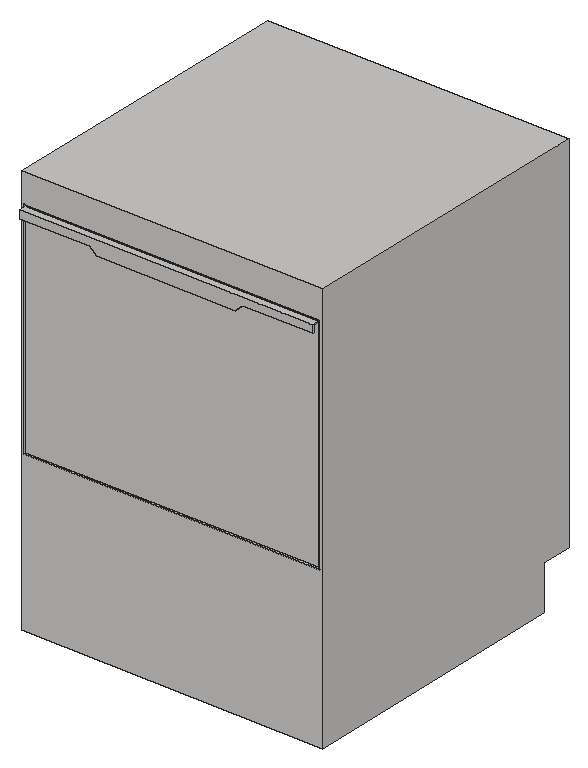
Revit family "QF_ELECTROLUXPROFESSIONAL_400089_ELA3GWP", category Specialty Equipment, Revit 2018
Family settings
  Round Connector Dimension = Use Diameter
  Part Type = Normal
  Work Plane-Based = No
  Always vertical = Yes
  Cut with Voids When Loaded = No
  Shared = No
  Room Calculation Point = No
Parameters
  Weight = 47.00 kg
  Watts = 0 W
  Volts = 0 V
  URL Manufacturer = ""
  URL = "http://professional.electrolux.com/"
  Steam Supply Size = 0 mm
  Steam Supply Minimum Pressure = 0.0 Pa
  Steam Supply Maximum Pressure = 0.0 Pa
  Steam Pounds per Hour = 0
  Show Logo [instance] = yes
  Show Clearance [instance] = yes
  Refrigeration Suction Line Size = 0 mm
  Refrigeration Liquid Line Size = 0 mm
  Refrigerant Compressor Remote = yes
  Manufacturer = ""
  Phase = 0
  Model = ""
  Length Actual = 600 mm  # constant formula
  Item Number = ""
  Hot Water Size = 0 mm
  Height Actual = 820 mm  # constant formula
  HP = "7.2 HP"
  Gas Size = 0 mm
  Gas KW = 0
  Gas Input Pressure = 0 W
  Direct Waste Size = 40 mm
  Description = ""
  Depth Actual = 648 mm  # constant formula
  Cycle = 0 Hz
  Condensate Return Size = 0 mm
  Compressed Air Volume = 0.0 L/s
  Compressed Air Size = 0 mm
  Compressed Air Pressure = 0.0 Pa
  Cold Water Size = 0 mm
  Accessory = yes
Types (2, lengths in mm): name | Volts | URL Manufacturer | URL | Manufacturer | Phase | Model | Item Number | Hot Water Size | Description | Cycle
  (no name) | 0 V | "" | "http://professional.electrolux.com/" | "" | 0 | "" | "" | 0 | "" | 0 Hz
  Standard | 400 V | "http://professional.electrolux.com" | "http://professional.electrolux.com" | "Electrolux Professional" | 3 | "ELA3GWP" | "400089" | 19.05 | "UNDERCOUNTER(L), WASHPRO, 3PH, DP, DD, 48R/H" | 50 Hz
Reference planes
  plane 1 "Center (Front/Back)": y = 0
  plane 2: z = 0
  plane 3 "Center (Left/Right)": x = 0
  plane 4 "LEFT": x = -300
  plane 5 "RIGHT": x = 300
  plane 6 "FRONT": y = -306
  plane 7 "BACK": y = 306
  plane 8: x = -202.5
  plane 9: x = 202.5
  plane 10: z = 830
  plane 11: z = 10
Forms (mm)
  Extrusion 1, solid, material "QF_Finishes_Stainless Steel"
    sketch origin (0, 0, 0) x (1, 0, 0) y (0, 1, 0)
      loop
        line (-300, -306) -> (300, -306) -> (300, 245) -> (-300, 245) -> (-300, -306)
    from 10 to 830
  Extrusion 2, solid, material "QF_Finishes_Stainless Steel"
    sketch origin (0, 0, 0) x (1, 0, 0) y (0, 1, 0)
      loop
        line (-300, 245) -> (300, 245) -> (300, 306) -> (-300, 306) -> (-300, 245)
    from 100 to 830
  Extrusion 3, solid, material "QF_Finishes_Stainless Steel"
    sketch origin (0, 17.5, 0) x (1, 0, 0) y (0, 1, 0)
      loop
        circle (-254, 167.5) r 12.5
      loop
        circle (254, 167.5) r 12.5
      loop
        circle (-254, -263.5) r 12.5
      loop
        circle (254, -263.5) r 12.5
    from 0 to 10
  Extrusion 4, void
    sketch origin (-300, -306, 0) x (-1, 0, 0) y (0, 0, 1)
      loop
        line (-5, 773.217) -> (-595, 773.217) -> (-595, 327.335) -> (-5, 327.335) -> (-5, 773.217)
    from 0 to 30
  Extrusion 5, solid, material "QF_Finishes_Stainless Steel"
    sketch origin (-259, -389, 768) x (0, 0, -1) y (1, 0, 0)
      loop
        circle (693, 143) r 10
    from -634 to -695
  Extrusion 6, solid, material "QF_Door-Drawer Clearances", visible <- "Show Clearance", detail levels coarse
    sketch origin (-230, -282.5, 0) x (0, 1, 0) y (0, 0, -1)
      loop
        line (-23.5, -330.419) -> (-391.5, -330.419)
        arc (-391.5, -330.419) -> (-290.693, -619.855) -> (-23.5, -770) r 432.894
        line (-23.5, -770) -> (-23.5, -330.419)
    from 61.197 to -521.306
  Extrusion 7, solid, material "QF_Finishes_Stainless Steel"
    sketch origin (-315.481, -389, 738) x (0, 0, -1) y (1, 0, 0)
      loop
        circle (663, 252.481) r 8
    from -634 to -695
  Extrusion 8, solid, material "QF_Finishes_Stainless Steel"
    sketch origin (-230, -282.5, 0) x (0, 1, 0) y (0, 0, -1)
      loop
        line (-23.5, -330.419) -> (-23.5, -770) -> (1.5, -770) -> (1.5, -330.419) -> (-23.5, -330.419)
    from 61.197 to -521.306
  Extrusion 9, solid, material "QF_Finishes_Stainless Steel"
    sketch origin (-230, -297.5, 0) x (0, 1, 0) y (0, 0, -1)
      loop
        line (-8.5, -770) -> (-8.5, -767.514) -> (-21, -767.514) -> (-21, -741.25) -> (-23.5, -741.25) -> (-23.5, -770) -> (-8.5, -770)
    from 61.197 to -521.306
  Extrusion 10, void
    sketch origin (-230, -321, 770) x (0, 0, 1) y (1, 0, 0)
      loop
        line (-15.552, -61.197) -> (-15.552, 77.909) -> (-28.75, 91.107) -> (-28.75, -61.197) -> (-15.552, -61.197)
      loop
        line (-15.552, 521.197) -> (-28.75, 521.197) -> (-28.75, 368.893) -> (-15.552, 382.091) -> (-15.552, 521.197)
    from 0 to 2.5
  Extrusion 11, solid, material "QF_Finishes_Stainless Steel"
    sketch origin (-295.988, 885.897, 763.79) x (0, -1, 0) y (1, 0, 0)
      loop
        circle (611.5, 158) r 8
    from -663.79 to -673.79
Cuts and joins
  Extrusion 4 cuts Extrusion 1
  joined: Extrusion 1, Extrusion 2
  Extrusion 10 cuts Extrusion 8
  Extrusion 10 cuts Extrusion 9
Lines and regions (mm)
  Split face 1
    outline origin (-300, -306, 830) x (0, 0, -1) y (1, 0, 0)
      loop
        line (21.579, 283.75) -> (39.683, 283.75) -> (39.683, 316.25) -> (21.579, 316.25) -> (21.579, 283.75)
  Split face 2
    outline origin (-300, -306, 830) x (0, 0, -1) y (1, 0, 0)
      loop
        line (56.783, 595) -> (56.783, 600)
      loop
        arc (56.783, 412.5) -> (28.391, 440.891) -> (0, 412.5) r 28.391
  symbolic lines
    curve 1: line (-300, 306, 0) -> (300, 306, 0)
    curve 2: line (-300, -306, 0) -> (-300, 306, 0)
    curve 3: line (300, -306, 0) -> (-300, -306, 0)
    curve 4: line (300, 306, 0) -> (300, -306, 0)
    curve 9: line (-291.197, -306, 0) -> (-291.197, -321, 0)
    curve 10: line (291.306, -321, 0) -> (291.306, -306, 0)
    curve 11: line (-291.197, -321, 0) -> (291.306, -321, 0)
  symbolic lines, style "QF_Door-Drawer Clearances"
    curve 5: line (-291.197, -674, 0) -> (291.306, -674, 0)
    curve 6: line (291.306, -674, 0) -> (291.306, -306, 0)
    curve 7: line (-291.197, -674, 0) -> (-291.197, -306, 0)
  symbolic lines, style "SpecialityEquipmentHiddenLines"
    curve 8: line (-300, 245, 0) -> (300, 245, 0)
Dimensions and locks
  equal spacing: plane 4 "LEFT", plane 3 "Center (Left/Right)", plane 5 "RIGHT"
  equal spacing: plane 7 "BACK", plane 1 "Center (Front/Back)", plane 6 "FRONT"
  plane 7 "BACK" to plane 6 "FRONT" = 612 mm
  plane 4 "LEFT" to plane 5 "RIGHT" = 600 mm
  plane 4 "LEFT" to plane 8 = 97.5 mm
  plane 9 to plane 5 "RIGHT" = 97.5 mm
  plane 11 to level = 10 mm
  plane 4 "LEFT" to plane 3 "Center (Left/Right)" = 300 mm
  plane 10 to level = 830 mm  (x2)
  plane 8 to plane 9 = 405 mm
  Extrusion 11 sketch curve to plane 4 "LEFT" = 162.012 mm
  level to Extrusion 5 sketch curve = 75 mm
  Extrusion 5 sketch curve to plane 4 "LEFT" = 184 mm
  Extrusion 7 sketch curve to plane 4 "LEFT" = 237 mm
  level to Extrusion 7 sketch curve = 75 mm
  Extrusion 3 to cut or joined group of Extrusion 1, Extrusion 2, Extrusion 4 = 121 mm
  Extrusion 3 to Extrusion 3 = 431 mm
  plane 6 "FRONT" to Extrusion 3 = 60 mm
  plane 9 to plane 8 = 405 mm
  plane 7 "BACK" to curve 5 = 980 mm
  cut or joined group of Extrusion 1, Extrusion 2, Extrusion 4 to level = 327.335 mm
  aligned and locked: level to plane 2
  aligned and locked: Extrusion 1 sketch curve to plane 6 "FRONT"
  aligned and locked: Extrusion 1 sketch curve to plane 4 "LEFT"
  aligned and locked: plane 5 "RIGHT" to Extrusion 1 sketch curve
  aligned and locked: Extrusion 1 to plane 11
  aligned and locked: Extrusion 2 sketch curve to Extrusion 1
  aligned and locked: plane 5 "RIGHT" to Extrusion 2 sketch curve
  aligned and locked: plane 11 to Extrusion 3
  aligned and locked: cut or joined group of Extrusion 9, Extrusion 10 to Extrusion 10
Automatic sketch dimensions
  Extrusion 1 sketch curve to plane 7 "BACK" = 61 mm
  Extrusion 3 sketch curve to plane 8 = 51.5 mm  (x2)
  plane 9 to Extrusion 3 sketch curve = 51.5 mm  (x2)
  plane 6 "FRONT" to Extrusion 3 sketch curve = 60 mm  (x2)
  Extrusion 3 sketch curve to plane 7 "BACK" = 121 mm  (x2)
  Extrusion 4 sketch curve to Extrusion 1 = 5 mm  (x2)
  Extrusion 4 sketch curve to Extrusion 1 = 317.335 mm
  Extrusion 4 sketch curve to Extrusion 1 = 56.783 mm
  plane 6 "FRONT" to Extrusion 8 sketch curve = 0 mm
  Extrusion 8 sketch curve to Extrusion 8 sketch curve = 25 mm
  Extrusion 9 sketch curve to plane 6 "FRONT" = 15 mm
  Extrusion 9 sketch curve to Extrusion 9 sketch curve = 2.5 mm
  Extrusion 9 sketch curve to Extrusion 9 sketch curve = 12.5 mm
  Extrusion 9 sketch curve to plane 10 = 60 mm
  Extrusion 9 sketch curve to Extrusion 9 sketch curve = 2.486 mm
  Extrusion 9 sketch curve to Extrusion 9 sketch curve = 26.264 mm
  Extrusion 2 sketch curve to Extrusion 2 sketch curve = 61 mm
  Split face 1 sketch curve to cut or joined group of Extrusion 1, Extrusion 2, Extrusion 4 = 21.579 mm
  Split face 1 sketch curve to Split face 1 sketch curve = 18.104 mm
  Split face 1 sketch curve to cut or joined group of Extrusion 1, Extrusion 2, Extrusion 4 = 278.75 mm
  Split face 1 sketch curve to Split face 1 sketch curve = 32.5 mm
  plane 11 to Extrusion 8 sketch curve = 320.419 mm
  Extrusion 8 sketch curve to plane 10 = 60 mm
  Extrusion 10 sketch curve to Extrusion 9 = 0 mm  (x2)
  Extrusion 9 to Extrusion 10 sketch curve = 0 mm
  Extrusion 10 sketch curve to Extrusion 9 = 13.198 mm  (x2)
  Extrusion 10 sketch curve to Extrusion 9 = 139.107 mm
  Extrusion 10 sketch curve to Extrusion 10 sketch curve = 13.198 mm  (x2)
  Extrusion 10 sketch curve to Extrusion 9 = 152.413 mm
  Extrusion 10 sketch curve to Extrusion 9 = 0.109 mm
  curve 3 to plane 4 "LEFT" = 0 mm
  curve 7 to plane 6 "FRONT" = 0 mm
  curve 4 to plane 5 "RIGHT" = 0 mm
  curve 2 to plane 7 "BACK" = 0 mm
  plane 4 "LEFT" to curve 5 = 8.803 mm
  curve 5 to plane 5 "RIGHT" = 8.694 mm
  plane 4 "LEFT" to curve 11 = 8.803 mm
  curve 10 to plane 5 "RIGHT" = 8.694 mm
  curve 11 to plane 6 "FRONT" = 15 mm
  curve 8 to plane 7 "BACK" = 61 mm
  Extrusion 2 sketch curve to plane 7 "BACK" = 0 mm
  Split face 2 sketch curve to cut or joined group of Extrusion 1, Extrusion 2, Extrusion 4 = 0 mm  (x5)
  Split face 2 sketch curve to cut or joined group of Extrusion 1, Extrusion 2, Extrusion 4 = 182.5 mm
  Extrusion 11 sketch curve to plane 7 "BACK" = 31.603 mm
  Extrusion 6 sketch curve to plane 6 "FRONT" = 0 mm
  plane 6 "FRONT" to Extrusion 6 sketch curve = 64.74 mm
  plane 11 to Extrusion 6 sketch curve = 331.974 mm
  Extrusion 6 sketch curve to Extrusion 6 sketch curve = 11.555 mm
  Extrusion 6 sketch curve to plane 6 "FRONT" = 368 mm
  radius of Extrusion 5 sketch curve = 10 mm
  radius of Extrusion 7 sketch curve = 8 mm
  radius of Extrusion 3 sketch curve = 12.5 mm  (x4)
  radius of Extrusion 11 sketch curve = 8 mm
Connectors
  piping at (-116, 306, 75), diameter 20
    settings: on Extrusion 5, index 1, connector inside diameter 609.6 mm, connector length 0 mm, flow factor 0, pipe flow 0.0 L/s, pressure drop 0.0 Pa, fitting loss kfactor 0, connector angle 0.00°, fixture units 0, engagement length 0 mm, angle of deflection 0.00°, flow configuration 1, flow direction 1, fitting loss method 0, system type 16, joint type 0, gender type 0, connector reference index -1, connector utility 0, adjustable connector no, is connector primary yes, connector description "Drain"
  piping at (-63, 306, 75), diameter 16
    settings: on Extrusion 7, index 3, connector inside diameter 609.6 mm, connector length 0 mm, flow factor 0, pipe flow 0.0 L/s, pressure drop 0.0 Pa, fitting loss kfactor 0, connector angle 0.00°, fixture units 0, engagement length 0 mm, angle of deflection 0.00°, flow configuration 1, flow direction 1, fitting loss method 0, system type 20, joint type 0, gender type 0, connector reference index -1, connector utility 0, adjustable connector no, is connector primary no, connector description "Cold Water Inlet"
  electrical at (-137.988, 274.397, 90), driven by "Volts"
    settings: on Extrusion 11, index 4, voltage 0 V, apparent load 0 VA, apparent load phase1 0 VA, apparent load phase2 0 VA, apparent load phase3 0 VA, power factor 1, load classification "Altro", number of poles 1, system type 31, power factor state 1, is connector primary yes, connector utility no, sub classification motor no, connector description "Electrical Connection"
